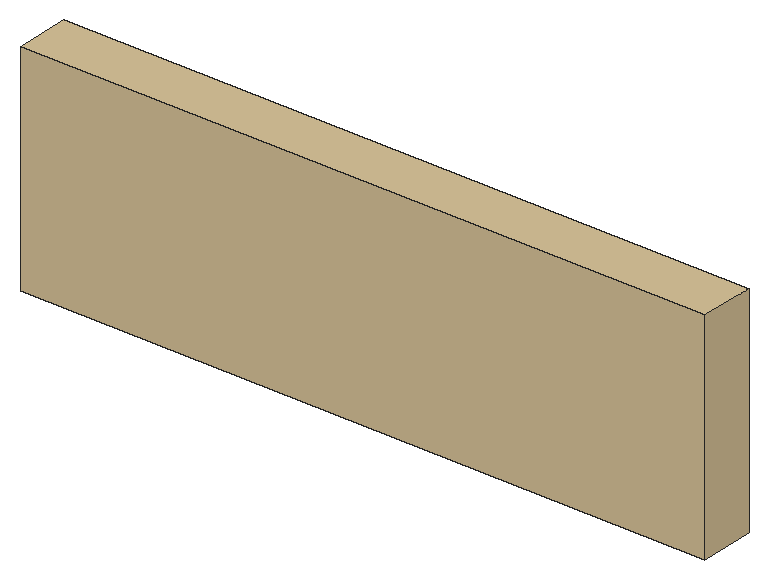
Revit family "Beam_Timber", category Structural Framing, Revit 2026
Family settings
  Section Shape = Not Defined
  Material for Model Behavior = Wood
  Always export as geometry = No
  Always vertical = Yes
  Cut with Voids When Loaded = No
  Symbolic Representation = From Family
  Shared = No
  Show family pre-cut in plan views = Yes
Parameters (values of type "Beam 200x800 Timber")
  Width = 200 mm
  Length [instance] = 3000 mm
  Height = 800 mm
Types (12, lengths in mm): name | Width | Height
  Beam 200x800 Timber | 200 | 800
  Beam 240x650 | 240 | 650
  Beam 220x1100 | 220 | 1100
  Beam 300x600 | 300 | 600
  Beam 200x515 | 200 | 515
  Beam 220x480 | 220 | 480
  Beam 200x570 | 200 | 570
  Beam 200x420 | 200 | 420
  Beam 200x800 | 200 | 800
  Beam 250x600 | 250 | 600
  Beam 200x500 | 200 | 500
  Beam 200x520 | 200 | 520
Reference planes
  plane 1 "Center (Front/Back)": y = 0
  plane 2 "Center Elevation": z = 0
  plane 3 "Center (Left/Right)": x = 0
  plane 4 "Left": x = -1500
  plane 5 "Member Left": x = -1250
  plane 6 "Stick Symbol Left": x = -1000
  plane 7 "Right": x = 1500
  plane 8 "Member Right": x = 1250
  plane 9 "Stick Symbol Right": x = 1000
  plane 10: y = 125
  plane 11: y = -75
  plane 12: z = 0
  plane 13: z = -300
Forms (mm)
  Extrusion 1, solid, material "Glulam", detail levels medium+fine
    sketch origin (0, 25, -150) x (0, 1, 0) y (0, 0, 1)
      loop
        line (100, 650) -> (-100, 650) -> (-100, -150) -> (100, -150) -> (100, 650)
    from -1250 to 1250
Dimensions and locks
  equal spacing: plane 4 "Left", plane 3 "Center (Left/Right)", plane 7 "Right"
  "Length": plane 4 "Left" to plane 7 "Right"
  "Height": Extrusion 1 to Extrusion 1
  "Width": Extrusion 1 to Extrusion 1
  plane 1 "Center (Front/Back)" to Extrusion 1 sketch curve = 75 mm
  aligned and locked: plane 10 to Extrusion 1 sketch curve
  aligned and locked: plane 13 to Extrusion 1 sketch curve
  aligned and locked: plane 5 "Member Left" to Extrusion 1
  aligned and locked: Extrusion 1 to plane 8 "Member Right"
  aligned and locked: level to plane 2 "Center Elevation"
Automatic sketch dimensions
  level to Extrusion 1 sketch curve = 500 mm
